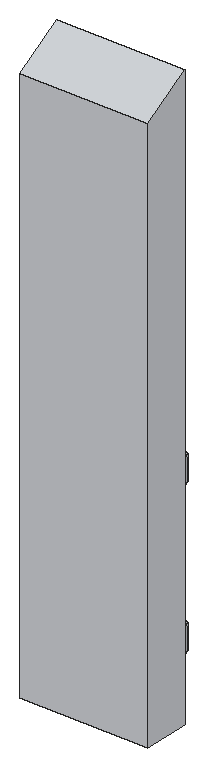
Revit family "57_CRD_ME_Ventura_V1C-V", category Mechanical Equipment, Revit 2020 (continued)
Definition of nested family "Square Grille"
  Parameters (values of type "Square Grille")
    Type Comments = "﻿﻿  ​                        ﻿﻿       ​      ﻿      ﻿                  ﻿                         ﻿​  ​ ﻿      ​   ﻿﻿"
    Stabu Code = ""
    Revit Version = "2014"  # constant formula
    Product Line = "ClimaRad"
    Model = "127x127"
    Manufacturer URL = "www.climarad.com"
    Manufacturer Art. No. = "3511203"
    Manufacturer = "ClimaRad"
    MEPcontent Class = "GRILLE"  # constant formula
    Keynote = "﻿﻿  ​                        ﻿﻿       ​      ﻿      ﻿                  ﻿                         ﻿​  ​ ﻿      ​   ﻿﻿"
    Internal Art. No. = ""
    IFCExportType = "GRILLE"  # constant formula
    IFCExportAs = "IfcAirTerminalType"  # constant formula
    Height = 127 mm
    GTIN = ""
    Function Code [instance] = ""
    Family Version = "10.04"  # constant formula
    ETIM Article Class = "EC001297"
    EMCS Version = "2.0"  # constant formula
    Description = "Aluminium set up grid"
    Depth = 14 mm
    Default Elevation = 1219.2 mm
    Custom = no
    Copyright = "© Stabiplan International BV"  # constant formula
    Content Supplier URL = "www.mepcontent.eu"
    CB-NL Class = ""
    Assembly Code = ""
    Article Type = "127x127"
    Article Description = "Aluminium set up grid"
  Reference planes
    plane 1 "Center (Front/Back)": y = 0
    plane 2: z = 0
    plane 3 "Center (Left/Right)": x = 0
  Forms (mm)
    Revolve 1, solid, material <- "materiaal", detail levels fine
      sketch origin (0, 0, 0) x (0, 1, 0) y (0, 0, 1)
        loop
          arc (39.018, 42.11) -> (39.963, 43.055) -> (39.018, 44) r 0.945
          line (39.018, 44) -> (38.22, 44)
          arc (38.22, 44) -> (37.144, 44.34) -> (36.461, 45.238) r 1.868
          line (36.461, 45.238) -> (36.176, 46.035)
          arc (36.176, 46.035) -> (35.58, 46.509) -> (34.985, 46.035) r 0.611
          line (34.985, 46.035) -> (34.985, 44.473)
          arc (34.985, 44.473) -> (34.391, 43.99) -> (33.796, 44.473) r 0.607
          line (33.796, 44.473) -> (33.796, 46.019)
          arc (33.796, 46.019) -> (33.188, 46.501) -> (32.58, 46.019) r 0.625
          line (32.58, 46.019) -> (32.287, 45.206)
          arc (32.287, 45.206) -> (31.587, 44.307) -> (30.491, 43.995) r 1.834
          line (30.491, 43.995) -> (29.298, 43.995)
          arc (29.298, 43.995) -> (28.157, 44.349) -> (27.417, 45.286) r 2.015
          line (27.417, 45.286) -> (27.157, 46.035)
          arc (27.157, 46.035) -> (26.562, 46.509) -> (25.966, 46.035) r 0.611
          line (25.966, 46.035) -> (25.966, 44.473)
          arc (25.966, 44.473) -> (25.372, 43.99) -> (24.777, 44.473) r 0.607
          line (24.777, 44.473) -> (24.777, 46.019)
          arc (24.777, 46.019) -> (24.169, 46.501) -> (23.561, 46.019) r 0.625
          line (23.561, 46.019) -> (23.268, 45.206)
          arc (23.268, 45.206) -> (22.536, 44.329) -> (21.442, 44) r 1.985
          line (21.442, 44) -> (20.411, 44)
          arc (20.411, 44) -> (19.937, 44.038) -> (19.476, 44.149) r 3.01
          line (19.476, 44.149) -> (1.763, 49.941)
          arc (1.763, 49.941) -> (0.593, 50.723) -> (0, 52) r 2.607
          line (0, 52) -> (0, 48.544) -> (17.33, 42.775)
          arc (17.33, 42.775) -> (19.355, 42.277) -> (21.434, 42.11) r 12.994
          line (21.434, 42.11) -> (39.018, 42.11)
        axis (39.018, 0) -> (0, 0)
      angle from 0 to 360
    Sweep 2, solid, material <- "materiaal", detail levels fine
      path origin (0, 0, 0) x (1, 0, 0) y (0, 0, 1)
        loop
          arc (-53.079, -51.114) -> (-52.503, -52.503) -> (-51.114, -53.079) r 1.965
          line (-51.114, -53.079) -> (51.075, -53.079)
          arc (51.075, -53.079) -> (52.492, -52.492) -> (53.079, -51.075) r 2.004
          line (53.079, -51.075) -> (53.079, 51.126)
          arc (53.079, 51.126) -> (52.507, 52.507) -> (51.126, 53.079) r 1.953
          line (51.126, 53.079) -> (-51.079, 53.079)
          arc (-51.079, 53.079) -> (-52.493, 52.493) -> (-53.079, 51.079) r 2
          line (-53.079, 51.079) -> (-53.079, -51.114)
      profile origin (-53.079, 0, -0.018) x (-1, 0, 0) y (0, -1, 0)
        loop
          line (9.386, 0) -> (10.421, 0) -> (7.067, 12.518)
          arc (7.067, 12.518) -> (6.353, 13.587) -> (5.135, 14) r 2
          line (5.135, 14) -> (3.864, 14)
          arc (3.864, 14) -> (2.455, 13.438) -> (1.82, 12.06) r 2.048
          line (1.82, 12.06) -> (1.498, 5.921)
          arc (1.498, 5.921) -> (1.033, 4.912) -> (0, 4.5) r 1.5
          line (0, 4.5) -> (0, 3.5)
          arc (0, 3.5) -> (1.721, 4.187) -> (2.497, 5.869) r 2.5
          line (2.497, 5.869) -> (2.821, 12.065)
          arc (2.821, 12.065) -> (3.095, 12.726) -> (3.757, 13) r 0.935
          line (3.757, 13) -> (5.135, 13)
          arc (5.135, 13) -> (5.744, 12.793) -> (6.101, 12.259) r 1
          line (6.101, 12.259) -> (9.386, 0)
    Extrusion 3, solid, material <- "materiaal", detail levels fine
      sketch origin (0, 0, 0) x (0, 1, 0) y (0, 0, 1)
        loop
          line (-4.5, 53.079) -> (-4.5, 50.079)
          arc (-4.5, 50.079) -> (-4.657, 49.541) -> (-5.077, 49.172) r 1
          line (-5.077, 49.172) -> (-9.609, 47.059)
          arc (-9.609, 47.059) -> (-11.811, 45.657) -> (-13.574, 43.732) r 10
          line (-13.574, 43.732) -> (-12.755, 43.158)
          arc (-12.755, 43.158) -> (-11.168, 44.891) -> (-9.186, 46.153) r 9
          line (-9.186, 46.153) -> (-4.655, 48.266)
          arc (-4.655, 48.266) -> (-3.858, 48.933) -> (-3.5, 49.908) r 2.015
          line (-3.5, 49.908) -> (-3.5, 53.079) -> (-4.5, 53.079)
        loop
          line (-4.5, 38.479) -> (-4.5, 35.479)
          arc (-4.5, 35.479) -> (-4.657, 34.941) -> (-5.077, 34.572) r 1
          line (-5.077, 34.572) -> (-9.609, 32.459)
          arc (-9.609, 32.459) -> (-11.811, 31.057) -> (-13.574, 29.132) r 10
          line (-13.574, 29.132) -> (-12.755, 28.558)
          arc (-12.755, 28.558) -> (-11.168, 30.291) -> (-9.186, 31.553) r 9
          line (-9.186, 31.553) -> (-4.655, 33.666)
          arc (-4.655, 33.666) -> (-3.858, 34.333) -> (-3.5, 35.308) r 2.015
          line (-3.5, 35.308) -> (-3.5, 38.479) -> (-4.5, 38.479)
        loop
          line (-4.5, 23.879) -> (-4.5, 20.879)
          arc (-4.5, 20.879) -> (-4.657, 20.341) -> (-5.077, 19.972) r 1
          line (-5.077, 19.972) -> (-9.609, 17.859)
          arc (-9.609, 17.859) -> (-11.811, 16.457) -> (-13.574, 14.532) r 10
          line (-13.574, 14.532) -> (-12.755, 13.958)
          arc (-12.755, 13.958) -> (-11.168, 15.691) -> (-9.186, 16.953) r 9
          line (-9.186, 16.953) -> (-4.655, 19.066)
          arc (-4.655, 19.066) -> (-3.858, 19.733) -> (-3.5, 20.708) r 2.015
          line (-3.5, 20.708) -> (-3.5, 23.879) -> (-4.5, 23.879)
        loop
          line (-4.5, 9.279) -> (-4.5, 6.279)
          arc (-4.5, 6.279) -> (-4.657, 5.741) -> (-5.077, 5.372) r 1
          line (-5.077, 5.372) -> (-9.609, 3.259)
          arc (-9.609, 3.259) -> (-11.811, 1.857) -> (-13.574, -0.068) r 10
          line (-13.574, -0.068) -> (-12.755, -0.642)
          arc (-12.755, -0.642) -> (-11.168, 1.091) -> (-9.186, 2.353) r 9
          line (-9.186, 2.353) -> (-4.655, 4.466)
          arc (-4.655, 4.466) -> (-3.858, 5.133) -> (-3.5, 6.108) r 2.015
          line (-3.5, 6.108) -> (-3.5, 9.279) -> (-4.5, 9.279)
        loop
          line (-4.5, -5.321) -> (-4.5, -8.321)
          arc (-4.5, -8.321) -> (-4.657, -8.859) -> (-5.077, -9.228) r 1
          line (-5.077, -9.228) -> (-9.609, -11.341)
          arc (-9.609, -11.341) -> (-11.811, -12.743) -> (-13.574, -14.668) r 10
          line (-13.574, -14.668) -> (-12.755, -15.242)
          arc (-12.755, -15.242) -> (-11.168, -13.509) -> (-9.186, -12.247) r 9
          line (-9.186, -12.247) -> (-4.655, -10.134)
          arc (-4.655, -10.134) -> (-3.858, -9.467) -> (-3.5, -8.492) r 2.015
          line (-3.5, -8.492) -> (-3.5, -5.321) -> (-4.5, -5.321)
        loop
          line (-4.5, -19.921) -> (-4.5, -22.921)
          arc (-4.5, -22.921) -> (-4.657, -23.459) -> (-5.077, -23.828) r 1
          line (-5.077, -23.828) -> (-9.609, -25.941)
          arc (-9.609, -25.941) -> (-11.811, -27.343) -> (-13.574, -29.268) r 10
          line (-13.574, -29.268) -> (-12.755, -29.842)
          arc (-12.755, -29.842) -> (-11.168, -28.109) -> (-9.186, -26.847) r 9
          line (-9.186, -26.847) -> (-4.655, -24.734)
          arc (-4.655, -24.734) -> (-3.858, -24.067) -> (-3.5, -23.092) r 2.015
          line (-3.5, -23.092) -> (-3.5, -19.921) -> (-4.5, -19.921)
        loop
          line (-4.5, -34.521) -> (-4.5, -37.521)
          arc (-4.5, -37.521) -> (-4.657, -38.059) -> (-5.077, -38.428) r 1
          line (-5.077, -38.428) -> (-9.609, -40.541)
          arc (-9.609, -40.541) -> (-11.811, -41.943) -> (-13.574, -43.868) r 10
          line (-13.574, -43.868) -> (-12.755, -44.442)
          arc (-12.755, -44.442) -> (-11.168, -42.709) -> (-9.186, -41.447) r 9
          line (-9.186, -41.447) -> (-4.655, -39.334)
          arc (-4.655, -39.334) -> (-3.858, -38.667) -> (-3.5, -37.692) r 2.015
          line (-3.5, -37.692) -> (-3.5, -34.521) -> (-4.5, -34.521)
        loop
          line (-3.5, -53.079) -> (-3.5, -49.579) -> (-4.5, -49.579) -> (-4.5, -53.079) -> (-3.5, -53.079)
      from -53.079 to 53.079
    Extrusion 4, solid, material <- "materiaal", detail levels fine
      sketch origin (0, 0, 0) x (1, 0, 0) y (0, 0, 1)
        loop
          arc (-51.286, 58.331) -> (-56.267, 56.267) -> (-58.331, 51.286) r 7.045
          line (-58.331, 51.286) -> (-58.331, -51.302)
          arc (-58.331, -51.302) -> (-56.272, -56.272) -> (-51.302, -58.331) r 7.028
          line (-51.302, -58.331) -> (51.286, -58.331)
          arc (51.286, -58.331) -> (56.267, -56.267) -> (58.331, -51.286) r 7.044
          line (58.331, -51.286) -> (58.331, 51.292)
          arc (58.331, 51.292) -> (56.269, 56.269) -> (51.292, 58.331) r 7.039
          line (51.292, 58.331) -> (-51.286, 58.331)
        loop
          circle (0, 0) r 45
      from 0 to 1
    Extrusion 5, solid, material <- "materiaal", detail levels fine
      sketch origin (0, 0, 0) x (1, 0, 0) y (0, 0, 1)
        loop
          line (51.292, 58.331) -> (-51.286, 58.331)
          arc (-51.286, 58.331) -> (-56.267, 56.267) -> (-58.331, 51.286) r 7.045
          line (-58.331, 51.286) -> (-58.331, -51.302)
          arc (-58.331, -51.302) -> (-56.272, -56.272) -> (-51.302, -58.331) r 7.028
          line (-51.302, -58.331) -> (51.286, -58.331)
          arc (51.286, -58.331) -> (56.267, -56.267) -> (58.331, -51.286) r 7.044
          line (58.331, -51.286) -> (58.331, 51.292)
          arc (58.331, 51.292) -> (56.269, 56.269) -> (51.292, 58.331) r 7.039
        loop
          line (-56.331, 51.286) -> (-56.331, -51.302)
          arc (-56.331, -51.302) -> (-54.858, -54.858) -> (-51.302, -56.331) r 5.028
          line (-51.302, -56.331) -> (51.286, -56.331)
          arc (51.286, -56.331) -> (54.853, -54.853) -> (56.331, -51.286) r 5.044
          line (56.331, -51.286) -> (56.331, 51.292)
          arc (56.331, 51.292) -> (54.855, 54.855) -> (51.292, 56.331) r 5.039
          line (51.292, 56.331) -> (-51.286, 56.331)
          arc (-51.286, 56.331) -> (-54.853, 54.853) -> (-56.331, 51.286) r 5.045
      from 0 to 10
    Extrusion 6, void
      sketch origin (0, 0, 0) x (1, 0, 0) y (0, 0, 1)
        loop
          arc (-50.552, 47.697) -> (-50.552, 44.182) -> (-47.037, 44.182) r 2.486
          line (-47.037, 44.182) -> (-44.201, 47.018)
          arc (-44.201, 47.018) -> (-44.201, 50.534) -> (-47.716, 50.534) r 2.486
          line (-47.716, 50.534) -> (-50.552, 47.697)
        loop
          line (50.552, 47.697) -> (47.716, 50.534)
          arc (47.716, 50.534) -> (44.201, 50.534) -> (44.201, 47.018) r 2.486
          line (44.201, 47.018) -> (47.037, 44.182)
          arc (47.037, 44.182) -> (50.552, 44.182) -> (50.552, 47.697) r 2.486
        loop
          line (-50.552, -47.697) -> (-47.716, -50.534)
          arc (-47.716, -50.534) -> (-44.201, -50.534) -> (-44.201, -47.018) r 2.486
          line (-44.201, -47.018) -> (-47.037, -44.182)
          arc (-47.037, -44.182) -> (-50.552, -44.182) -> (-50.552, -47.697) r 2.486
        loop
          arc (50.552, -47.697) -> (50.552, -44.182) -> (47.037, -44.182) r 2.486
          line (47.037, -44.182) -> (44.201, -47.018)
          arc (44.201, -47.018) -> (44.201, -50.534) -> (47.716, -50.534) r 2.486
          line (47.716, -50.534) -> (50.552, -47.697)
      from 0 to 3.5
    Extrusion 7, solid, detail levels coarse+medium
      sketch origin (0, 0, 0) x (1, 0, 0) y (0, 0, 1)
        loop
          circle (0, 0) r 46.5
      from -40 to 0
    Extrusion 8, solid, detail levels coarse+medium
      sketch origin (0, 0, 0) x (1, 0, 0) y (0, 0, 1)
        loop
          line (-63.5, 63.5) -> (-63.5, -63.5) -> (63.5, -63.5) -> (63.5, 63.5) -> (-63.5, 63.5)
      from 0 to 14
  Cuts and joins
    Extrusion 6 cuts Revolve 1
    Extrusion 6 cuts Extrusion 4
    Extrusion 6 cuts Extrusion 5
    joined: Revolve 1, Extrusion 4, Extrusion 5
    Extrusion 6 cuts Extrusion 3
  Dimensions and locks
    plane 1 "Center (Front/Back)" to Extrusion 7 = 40 mm
    Extrusion 8 sketch curve to plane 3 "Center (Left/Right)" to Extrusion 8 sketch curve = 63.5 mm, 63.5 mm
    Extrusion 8 sketch curve to plane 2 to Extrusion 8 sketch curve = 63.5 mm, 63.5 mm
    Extrusion 8 to plane 1 "Center (Front/Back)" = 14 mm
    diameter of Extrusion 7 sketch curve = 93 mm
    aligned and locked: level to plane 2
    aligned and locked: Sweep 2 sketch curve to plane 1 "Center (Front/Back)"
    aligned and locked: Sweep 2 sketch curve to profile plane
    aligned and locked: Extrusion 4 to plane 1 "Center (Front/Back)"
    aligned and locked: plane 1 "Center (Front/Back)" to Extrusion 7
    aligned and locked: Extrusion 8 to plane 1 "Center (Front/Back)"
